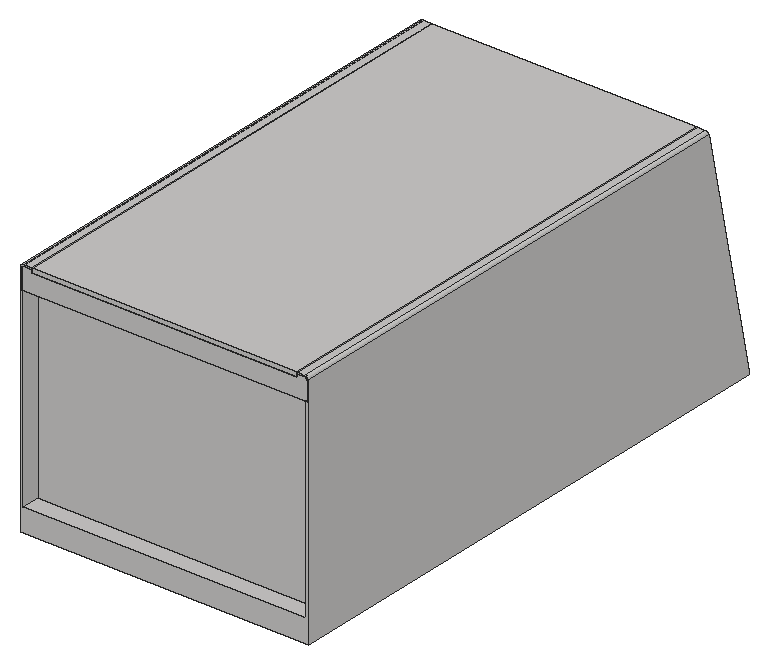
Revit family "PRD_FrankeWS_WasteBins_EXOSWasteBin_EXOS605X,605B,605W", category Furniture, host Face, Revit 2018
Family settings
  Host = Face
  OmniClass Number = 23.40.20.31.11
  OmniClass Title = Bins
  Cut with Voids When Loaded = No
  Shared = No
  Room Calculation Point = No
Parameters (values of type "EXOS605X")
  WasteBinMaterial = PRD_AR_StainlessSteel_SatinFinished
  WasteBinFrontMaterial = PRD_AR_StainlessSteel_SatinFinished
  WarrantyStartDate [instance] = "1900-12-31T23:59:59"
  WarrantyGuarantorParts = "n/a"
  WarrantyGuarantorLabor = "n/a"
  WarrantyDurationUnit = "year"
  WarrantyDurationParts = "n/a"
  WarrantyDurationLabor = "n/a"
  WarrantyDescription = "n/a"
  Version = "1"
  Uniclass2015Version = "Products v1.10"
  Uniclass2015Title = "Waste bins"
  Uniclass2015Code = "Pr_40_50_07_96"
  URL = "www.kwc.com"
  TagNumber [instance] = "n/a"
  SustainabilityPerformance = "n/a"
  SurfaceTreatment = "InoxPlus (anti fingerprint)"
  Style = "Waste bin"
  Size = "300 x 573 x 250 mm"
  Shape = "n/a"
  SerialNumber [instance] = "n/a"
  Revision = "n/a"
  ReplacementCost = "n/a"
  ProductInformation = "https://pim.kwc.com/product/2030022928/attachment/datasheet?locale=en"
  NominalWidth = 300.00 mm
  NominalHeight = 573.00 mm
  NominalDepth = 250.00 mm
  NetWeight = 9.22 kg
  Name = "EXOS Waste bin EXOS605X"
  NBSTypeID = "n/a"
  NBSReference = "45-35-72/380"
  NBSOfficeMasterTag = "n/a"
  NBSNote = "n/a"
  NBSDescription = "Waste bins"
  NBSCertification = "n/a"
  ModelReference = "EXOS605X"
  ModelNumber = "2030022928"
  Model = ModelReference  # "EXOS605X"
  Materials = "Stainless steel 1.4301"
  Material = "Stainless steel"
  ManufacturerURL = "www.kwc.com"
  ManufacturerName = "KWC Group AG"  # constant formula
  Manufacturer = ManufacturerName  # "KWC Group AG"
  MainColor = "Stainless steel"
  Lock = "key-lock"
  Lid = "no"
  IntegralAccessories = "Includes mounting materials"
  InstallationDate [instance] = "1900-12-31T23:59:59"
  IfcExportType = "NOTDEFINED"
  IfcExportAs = "IfcFurnitureType"
  GrossWeight = 10.31 kg
  Grade = "n/a"
  Form = "Wall mounted"
  FinishAndColour = "Stainless steel, satin finished"
  Finish = "Satin finished"
  FillingVolume = "30.00 liter"
  Features = "stainless steel, 1.20 mm, satin finished, for wall mounting"
  ExpectedLife = "n/a"
  DurationUnit = "year"
  Description = "Waste bin for wall mounting, stainless steel with satin finish, front and casing with InoxPlus surface refinement for the reduction of finger marks and better cleaning characteristics (easy to clean), material thickness 1.2 mm, capacity approximate 30 litres, integrated bag holder, includes mounting bracket and mounting materials."
  Default Elevation = 820.00 mm
  CreateOn = "11/2018"  # constant formula
  Constituents = "n/a"
  Color = "Stainless steel"
  CodePerformance = "n/a"
  Category = "Pr_40_50_07_96, Waste bins"
  BarCode [instance] = "n/a"
  BagHolder = "Integrated"
  BIMObjectName = "PRD_AR_WasteBins_EXOS_WasteBin_EXOS605X"
  Author = "Archispace"  # constant formula
  AssetType = "Fixed"
  AssetIdentifier [instance] = "n/a"
  AccessibilityPerformance = "n/a"
Types (3, lengths in mm): name | WasteBinFrontMaterial | ProductInformation | NetWeight | Name | ModelReference | ModelNumber | Model | GrossWeight | Description | BIMObjectName
  EXOS605B | PRD_AR_Glass_Black | "https://pim.kwc.com/product/2030022929/attachment/datasheet?locale=en" | 10.60 kg | "EXOS Waste bin EXOS605B" | "EXOS605B" | "2030022929" | "EXOS605B" | 11.67 kg | "Waste bin for wall mounting, stainless steel with satin finish, black safety glass front panel, casing with InoxPlus surface refinement for the reduction of finger marks and better cleaning characteristics (easy to clean), material thickness 1.2 mm, capacity approximate 30 litres, integrated bag holder, includes mounting bracket and mounting materials." | "PRD_AR_WasteBins_EXOS_WasteBin_EXOS605B"
  EXOS605X | PRD_AR_StainlessSteel_SatinFinished | "https://pim.kwc.com/product/2030022928/attachment/datasheet?locale=en" | 9.22 kg | "EXOS Waste bin EXOS605X" | "EXOS605X" | "2030022928" | "EXOS605X" | 10.31 kg | "Waste bin for wall mounting, stainless steel with satin finish, front and casing with InoxPlus surface refinement for the reduction of finger marks and better cleaning characteristics (easy to clean), material thickness 1.2 mm, capacity approximate 30 litres, integrated bag holder, includes mounting bracket and mounting materials." | "PRD_AR_WasteBins_EXOS_WasteBin_EXOS605X"
  EXOS605W | PRD_AR_Glass_White | "https://pim.kwc.com/product/2030025228/attachment/datasheet?locale=en" | 10.10 kg | "EXOS Waste bin EXOS605W" | "EXOS605W" | "2030025228" | "EXOS605W" | 11.80 kg | "Waste bin for wall mounting, stainless steel with satin finish, white safety glass front panel, casing with InoxPlus surface refinement for the reduction of finger marks and better cleaning characteristics (easy to clean), material thickness 1.2 mm, capacity approximate 30 litres, integrated bag holder, includes mounting bracket and mounting materials." | "PRD_AR_WasteBins_EXOS_WasteBin_EXOS605W"
Reference planes
  plane 1 "Center (Front/Back)": y = 0
  plane 2: z = 0
  plane 3 "Center (Left/Right)": x = 0
Forms (mm)
  Extrusion 1, solid, material "PRD_AR_StainlessSteel_SatinFinished" <- "WasteBinMaterial", detail levels fine
    sketch origin (0, 0, 0) x (1, 0, 0) y (0, 0, 1)
      loop
        arc (150, 246.6) -> (149.004, 249.004) -> (146.6, 250) r 3.4
        line (146.6, 250) -> (137.9, 250) -> (137.9, 248.728) -> (146.7, 248.728)
        spline (146.7, 248.728) -> (146.974, 248.711) -> (147.244, 248.658) -> (147.504, 248.572) -> (147.75, 248.453) -> (147.978, 248.304) -> (148.185, 248.127) -> (148.366, 247.925) -> (148.519, 247.701) -> (148.64, 247.46) -> (148.728, 247.206) -> (148.782, 246.942) -> (148.8, 246.674)
        line (148.8, 246.674) -> (148.8, 226) -> (147, 226) -> (147, 24) -> (-147, 24) -> (-147, 226) -> (-148.8, 226) -> (-148.8, 246.674)
        spline (-148.8, 246.674) -> (-148.782, 246.942) -> (-148.728, 247.206) -> (-148.64, 247.46) -> (-148.519, 247.701) -> (-148.366, 247.925) -> (-148.185, 248.127) -> (-147.978, 248.304) -> (-147.75, 248.453) -> (-147.504, 248.572) -> (-147.244, 248.658) -> (-146.974, 248.711) -> (-146.7, 248.728)
        line (-146.7, 248.728) -> (-137.9, 248.728) -> (-137.9, 250) -> (-146.6, 250)
        arc (-146.6, 250) -> (-149.004, 249.004) -> (-150, 246.6) r 3.4
        line (-150, 246.6) -> (-150, 0) -> (150, 0) -> (150, 246.6)
    from 0 to 572.34
  Extrusion 2, void
    sketch origin (0, 0, 0) x (0, 1, 0) y (0, 0, 1)
      loop
        line (-52.34, 250) -> (0, 3.757) -> (0, 250) -> (-52.34, 250)
    from -150 to 150
  Extrusion 3, solid, material "PRD_AR_StainlessSteel_SatinFinished" <- "WasteBinMaterial", detail levels fine
    sketch origin (0, 0, 0) x (1, 0, 0) y (0, 0, 1)
      loop
        spline (148.8, 246.674) -> (148.782, 246.942) -> (148.728, 247.206) -> (148.64, 247.46) -> (148.519, 247.701) -> (148.366, 247.925) -> (148.185, 248.127) -> (147.978, 248.304) -> (147.75, 248.453) -> (147.504, 248.572) -> (147.244, 248.658) -> (146.974, 248.711) -> (146.7, 248.728)
        line (146.7, 248.728) -> (137.9, 248.728) -> (137.9, 246) -> (-137.9, 246) -> (-137.9, 248.728) -> (-146.7, 248.728)
        spline (-146.7, 248.728) -> (-146.974, 248.711) -> (-147.244, 248.658) -> (-147.504, 248.572) -> (-147.75, 248.453) -> (-147.978, 248.304) -> (-148.185, 248.127) -> (-148.366, 247.925) -> (-148.519, 247.701) -> (-148.64, 247.46) -> (-148.728, 247.206) -> (-148.782, 246.942) -> (-148.8, 246.674)
        line (-148.8, 246.674) -> (-148.8, 226) -> (148.8, 226) -> (148.8, 246.674)
    from 0 to 572.34
  Extrusion 4, solid, material "PRD_AR_StainlessSteel_SatinFinished" <- "WasteBinMaterial", detail levels fine
    sketch origin (0, 0, 0) x (0, 1, 0) y (0, 0, 1)
      loop
        line (-553.439, 24) -> (-552.239, 24) -> (-552.239, 226) -> (-553.439, 226) -> (-553.439, 24)
    from -147 to 147
  Extrusion 5, solid, material "PRD_AR_StainlessSteel_SatinFinished" <- "WasteBinMaterial", detail levels fine
    sketch origin (0, 0, 0) x (0, 1, 0) y (0, 0, 1)
      loop
        line (-57.775, 226) -> (-87.833, 226) -> (-87.656, 224.344)
        arc (-87.656, 224.344) -> (-86.987, 222.654) -> (-85.543, 221.551) r 3.4
        line (-85.543, 221.551) -> (-72.451, 216.289)
        arc (-72.451, 216.289) -> (-71.65, 216.076) -> (-70.822, 216.063) r 3.4
        line (-70.822, 216.063) -> (-56.095, 217.637)
        arc (-56.095, 217.637) -> (-53.156, 220.202) -> (-54.56, 223.84) r 3.4
        line (-54.56, 223.84) -> (-57.775, 226)
      loop
        line (-47.694, 24) -> (-17.636, 24) -> (-14.421, 26.16)
        arc (-14.421, 26.16) -> (-13.017, 29.798) -> (-15.956, 32.363) r 3.4
        line (-15.956, 32.363) -> (-30.683, 33.937)
        arc (-30.683, 33.937) -> (-31.511, 33.924) -> (-32.312, 33.711) r 3.4
        line (-32.312, 33.711) -> (-45.404, 28.449)
        arc (-45.404, 28.449) -> (-46.847, 27.346) -> (-47.516, 25.656) r 3.4
        line (-47.516, 25.656) -> (-47.694, 24)
    from -127 to 127
  Extrusion 6, void
    sketch origin (0, 0, 0) x (0, 1, 0) y (0, 0, 1)
      loop
        line (-552.239, 226) -> (-552.239, 24) -> (-19.679, 24) -> (-62.572, 226) -> (-552.239, 226)
    from -148.8 to 148.8
  Extrusion 7, solid, material "PRD_AR_StainlessSteel_SatinFinished" <- "WasteBinMaterial", detail levels medium
    sketch origin (0, 0, 0) x (0, 1, 0) y (0, 0, 1)
      loop
        line (-572.34, 250) -> (-572.34, 0) -> (0.799, 0) -> (-52.34, 250) -> (-572.34, 250)
    from -150 to 150
  Extrusion 8, void
    sketch origin (0, 0, 0) x (0, 1, 0) y (0, 0, 1)
      loop
        line (-552.239, 226) -> (-552.239, 24) -> (-4.303, 24) -> (-47.239, 226) -> (-552.239, 226)
    from -148.8 to 148.8
  Extrusion 9, solid, material "PRD_AR_StainlessSteel_SatinFinished" <- "WasteBinMaterial", detail levels coarse
    sketch origin (0, 0, 0) x (0, 1, 0) y (0, 0, 1)
      loop
        line (-572.34, 250) -> (-572.34, 0) -> (0, 0) -> (0, 250) -> (-572.34, 250)
    from -150 to 150
  Extrusion 10, solid, material "PRD_AR_StainlessSteel_SatinFinished" <- "WasteBinFrontMaterial", detail levels fine
    sketch origin (0, 0, 0) x (1, 0, 0) y (0, 0, 1)
      loop
        line (137.9, 246) -> (137.9, 250) -> (-137.9, 250) -> (-137.9, 246) -> (137.9, 246)
    from 0 to 572.34
Cuts and joins
  Extrusion 2, Extrusion 6 cuts Extrusion 1
  joined: Extrusion 1, Extrusion 4, Extrusion 5
  Extrusion 2 cuts Extrusion 3
  Extrusion 8 cuts Extrusion 7
  Extrusion 2 cuts Extrusion 10
Dimensions and locks
  aligned and locked: plane 2 to host face
  aligned and locked: level to host face
